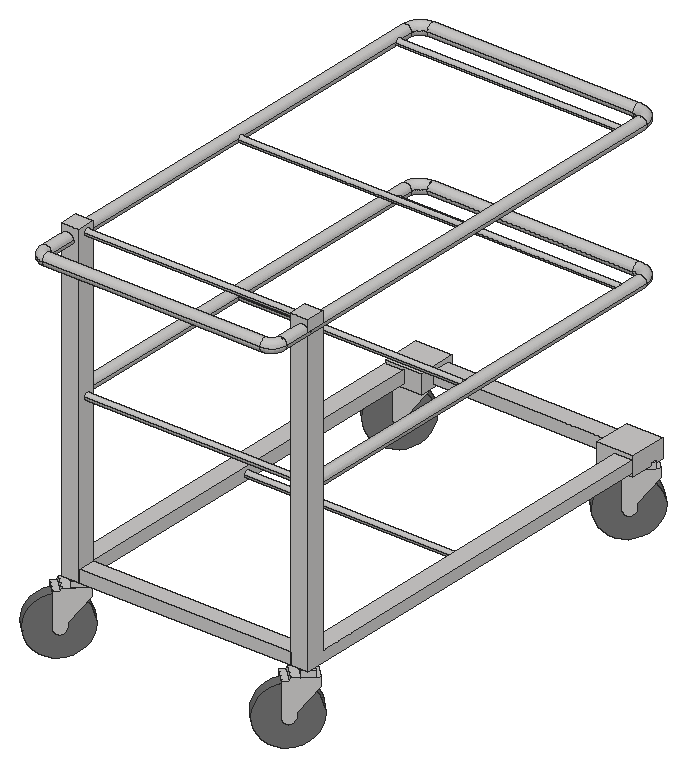
Revit family "QF_Vollrath_97186", category Specialty Equipment, Revit 2016
Family settings
  Part Type = Normal
  Round Connector Dimension = Use Diameter
  OmniClass Number = 23.40.40.14.17
  OmniClass Title = Food Cooking Equipment
  Work Plane-Based = No
  Always vertical = Yes
  Cut with Voids When Loaded = No
  Shared = No
  Room Calculation Point = No
Parameters (values of type "97186")
  Width [instance] = 21.00"
  Weight in Pounds = 31.9
  Watermarked By = "http://revitwatermark.com"
  URL Cutsheet = ""
  URL = ""
  Status [instance] = ""
  Specification by User [instance] = ""
  Specification by Manufacturer [instance] = ""
  Serial Number [instance] = ""
  Seismic Rating [instance] = ""
  Revision Code [instance] = ""
  NAFEM Spec ID Number [instance] = ""
  Model = "97186"
  Masterspec = ""
  Manufacturer = "Vollrath"
  Item Number [instance] = "-"
  Installed By [instance] = ""
  Identify Quantity as Lot [instance] = no
  Furnished By [instance] = ""
  Foodservice Equipment Identifier [instance] = yes
  Description = "Cart, Bussing"
  Depth [instance] = 39.25"
  CSI MasterFormat = "11 48 13"
  Assembly Code = "E1090320"
Reference planes (in)
  plane 1 "BACK": y = -5.12
  plane 2: z = 0
  plane 3 "LEFT": x = 0
  plane 4 "TOP": z = 32.38
  plane 5 "RIGHT": x = 21
  plane 6 "FRONT": y = -46.4
  plane 7: z = 6
  plane 8: z = 7
  plane 9: x = 1.5
  plane 10: x = 19.5
  plane 11: z = 31.38
  plane 12: y = -42.84
  plane 13: y = -41.34
  plane 14: y = -20.09
  plane 15: z = 34.13993
  plane 16: z = 35.13993
  plane 17: y = -46.9
  plane 18: y = -45.9
  plane 19: y = -45.9
  plane 20: y = -5.62
  plane 21: z = 32.88
  plane 22: y = -8.68
  plane 23: y = -10.18
  plane 24: y = -43.21
  plane 25: z = 19.25
  plane 26: z = 22.05483
  plane 27: z = 23.05483
  plane 28: y = -46.9
  plane 29: y = -45.9
  plane 30: y = -45.9
  plane 31: y = -5.62
Forms (in)
  Sweep 1, solid, material "QF_Finishes_Stainless Steel"
    path origin (21, -51.52, 32.38) x (1, 0, 0) y (0, 1, 0)
      loop
        arc (-1.25, 5.62) -> (-0.71967, 5.83967) -> (-0.5, 6.37) r 0.75
        line (-0.5, 6.37) -> (-0.5, 44.65)
        arc (-0.5, 44.65) -> (-0.86612, 45.53388) -> (-1.75, 45.9) r 1.25
        line (-1.75, 45.9) -> (-19.25, 45.9)
        arc (-19.25, 45.9) -> (-20.13388, 45.53388) -> (-20.5, 44.65) r 1.25
        line (-20.5, 44.65) -> (-20.5, 6.37)
        arc (-20.5, 6.37) -> (-20.28033, 5.83967) -> (-19.75, 5.62) r 0.75
        line (-19.75, 5.62) -> (-1.25, 5.62)
    profile origin (10.5, -45.9, 32.38) x (0, -1, 0) y (0, 0, 1)
      loop
        circle (0, -0.5) r 0.5
  Extrusion 2, solid, material "QF_Finishes_Stainless Steel"
    sketch origin (0, -51.52, 0) x (0, -1, 0) y (0, 0, 1)
      loop
        line (-8.68, 32.88) -> (-10.18, 32.88) -> (-10.18, 7) -> (-43.21, 7) -> (-43.21, 6) -> (-8.68, 6) -> (-8.68, 32.88)
    from 0 to -1.5
  Extrusion 3, solid, material "QF_Finishes_Stainless Steel"
    sketch origin (19.5, -51.52, 0) x (0, -1, 0) y (0, 0, 1)
      loop
        line (-8.68, 32.88) -> (-10.18, 32.88) -> (-10.18, 7) -> (-43.21, 7) -> (-43.21, 6) -> (-8.68, 6) -> (-8.68, 32.88)
    from 0 to -1.5
  Extrusion 4, solid, material "QF_Finishes_Stainless Steel"
    sketch origin (21, -5.12, 0) x (-1, 0, 0) y (0, 0, 1)
      loop
        line (1.5, 7) -> (1.5, 6) -> (19.5, 6) -> (19.5, 7) -> (1.5, 7)
    from -37.72 to -36.22
  Extrusion 5, solid, material "QF_Finishes_Stainless Steel"
    sketch origin (0, -51.52, 0) x (0, -1, 0) y (0, 0, 1)
      loop
        line (-46.4, 7.29846) -> (-46.4, 5.69597) -> (-43.21, 5.69597) -> (-43.21, 7.29846) -> (-46.4, 7.29846)
    from 0 to -3.04557
  Extrusion 6, solid, material "QF_Finishes_Stainless Steel"
    sketch origin (17.95443, -51.52, 0) x (0, -1, 0) y (0, 0, 1)
      loop
        line (-46.4, 7.29846) -> (-46.4, 5.69597) -> (-43.21, 5.69597) -> (-43.21, 7.29846) -> (-46.4, 7.29846)
    from 0 to -3.04557
  Extrusion 7, solid, material "QF_Finishes_Stainless Steel"
    sketch origin (21, -46.4, 0) x (-1, 0, 0) y (0, 0, 1)
      loop
        line (17.95443, 7) -> (3.04557, 7) -> (3.04557, 6) -> (17.95443, 6) -> (17.95443, 7)
    from 39.21641 to 40.7324
  Sweep 8, solid, material "QF_Finishes_Stainless Steel"
    path origin (21, -51.52, 20.2949) x (1, 0, 0) y (0, 1, 0)
      loop
        line (-20.5, 10.18) -> (-20.5, 44.65)
        arc (-20.5, 44.65) -> (-20.13388, 45.53388) -> (-19.25, 45.9) r 1.25
        line (-19.25, 45.9) -> (-1.75, 45.9)
        arc (-1.75, 45.9) -> (-0.86612, 45.53388) -> (-0.5, 44.65) r 1.25
        line (-0.5, 44.65) -> (-0.5, 10.18)
    profile origin (20.5, -24.105, 20.2949) x (1, 0, 0) y (0, 0, 1)
      loop
        circle (0, -0.5) r 0.5
  Extrusion 9, solid, material "QF_Finishes_Stainless Steel"
    sketch origin (21, -51.52, 0) x (0, -1, 0) y (0, 0, 1)
      loop
        circle (-43.21, 31.84217) r 0.25
      loop
        circle (-26.46, 31.84217) r 0.25
      loop
        circle (-43.21, 19.84217) r 0.25
      loop
        circle (-26.46, 19.84217) r 0.25
    from 0.98449 to 20.02306
  Extrusion 10, solid, material "QF_Finishes_Stainless Steel"
    sketch origin (0, -51.52, 0) x (0, -1, 0) y (0, 0, 1)
      loop
        circle (-9.43727, 32.38) r 0.25
    from -19.5 to -1.5
  Extrusion 11, solid, material "QF_Finishes_Stainless Steel"
    sketch origin (0, -51.52, -12.5) x (0, -1, 0) y (0, 0, 1)
      loop
        circle (-9.43727, 32.38) r 0.25
    from -19.5 to -1.5
  Extrusion 12, solid, material "QF_Finishes_Stainless Steel"
    sketch origin (0, -51.645, 0) x (0, -1, 0) y (0, 0, 1)
      loop
        circle (-26.59026, 6.48801) r 0.25
    from -1.5 to -19.5
Lines and regions (in)
  symbolic lines
    curve 1: line (0, -5.12, 16.75) -> (0, -45.37, 16.75)
    curve 2: line (21, -5.12, 16.75) -> (21, -45.37, 16.75)
    curve 3: arc (21, -45.37, 16.75) -> (20.45619, -46.18527, 16.75) -> (19.5, -46.4, 16.75) r 1.31834
    curve 4: line (19.5, -46.4, 16.75) -> (1.5, -46.4, 16.75)
    curve 5: arc (1.5, -46.4, 16.75) -> (0.59021, -46.11771, 16.75) -> (0, -45.37, 16.75) r 1.60723
    curve 6: line (21, -5.12, 16.75) -> (3.04557, -5.12, 16.75)
    curve 7: line (3.04557, -5.12, 16.75) -> (0, -5.12, 16.75)
    curve 8: arc (19.99339, -45.13218, 16.75) -> (19.90777, -45.33887, 16.75) -> (19.70108, -45.42449, 16.75) r 0.29231
    curve 9: line (19.70108, -45.42449, 16.75) -> (1.31138, -45.42449, 16.75)
    curve 10: arc (1.31138, -45.42449, 16.75) -> (1.06138, -45.32094, 16.75) -> (0.95783, -45.07094, 16.75) r 0.35355
    curve 11: line (0.95783, -45.07094, 16.75) -> (0.95783, -6.92289, 16.75)
    curve 12: arc (0.95783, -6.92289, 16.75) -> (1.13981, -6.42289, 16.75) -> (1.60062, -6.15685, 16.75) r 0.77786
    curve 13: line (1.60062, -6.15685, 16.75) -> (19.2874, -6.15685, 16.75)
    curve 14: arc (19.2874, -6.15685, 16.75) -> (19.7874, -6.36396, 16.75) -> (19.99451, -6.86396, 16.75) r 0.70711
    curve 15: line (19.99451, -6.86396, 16.75) -> (19.99451, -45.11396, 16.75)
    curve 16: line (0.95783, -42.84, 16.75) -> (19.99451, -42.84, 16.75)
    curve 17: line (19.99451, -41.34, 16.75) -> (0.95783, -41.34, 16.75)
    curve 18: line (19.99451, -25.34, 16.75) -> (0.95783, -25.34, 16.75)
    curve 19: line (19.99451, -24.84, 16.75) -> (0.95783, -24.84, 16.75)
    curve 20: line (19.99451, -8.59, 16.75) -> (0.95783, -8.59, 16.75)
    curve 21: line (19.99451, -8.09, 16.75) -> (0.95783, -8.09, 16.75)
Dimensions and locks (in)
  "Width": plane 3 "LEFT" to plane 5 "RIGHT"
  plane 6 "FRONT" to plane 1 "BACK" = 41.28"  (x2)
  plane 1 "BACK" to plane 6 "FRONT" = 41.28"
  plane 3 "LEFT" to plane 9 = 1.50"
  plane 10 to plane 5 "RIGHT" = 1.50"
  plane 6 "FRONT" to plane 12 = 3.56"
  plane 21 to level = 32.88"
  aligned and locked: level to plane 2
Automatic sketch dimensions
  curve 3 to plane 6 "FRONT" = 1.03"
  plane 5 "RIGHT" to curve 3 = 0.00"
  curve 15 to plane 5 "RIGHT" = 1.00549"
  curve 15 to curve 8 = 0.00111"
  curve 15 to curve 3 = 0.28458"
  curve 3 to curve 9 = 0.00885"
  curve 4 to plane 5 "RIGHT" = 1.50"
  curve 13 to plane 5 "RIGHT" = 1.7126"
  curve 6 to plane 1 "BACK" = 0.00"
  plane 9 to curve 6 = 1.54557"
  plane 9 to curve 12 = 0.23569"
  curve 12 to curve 12 = 0.13507"
  plane 9 to curve 5 = 0.00"
  curve 5 to curve 10 = 0.18862"
  curve 12 to curve 12 = 0.77786"
  curve 5 to plane 9 = 1.50"
  plane 1 "BACK" to curve 14 = 1.03685"
  curve 21 to plane 22 = 0.59"
  curve 20 to plane 22 = 0.09"
  curve 19 to plane 14 = 4.75"
  curve 19 to curve 18 = 0.50"
  plane 13 to curve 17 = 0.00"
  curve 16 to plane 24 = 0.37"
  curve 5 to plane 6 "FRONT" = 1.60723"
  curve 5 to curve 10 = 0.27817"
  curve 3 to curve 8 = 0.03369"
  curve 15 to curve 8 = 0.01822"
  Sweep 1 sketch curve to plane 19 = 0.00"
  Sweep 1 sketch curve to plane 20 = 0.00"
  Sweep 1 sketch curve to plane 9 = 1.00"
  Sweep 1 sketch curve to Sweep 1 sketch curve = 0.75"  (x2)
  Sweep 1 sketch curve to Sweep 1 sketch curve = 1.25"
  Sweep 1 sketch curve to plane 5 "RIGHT" = 1.75"
  Sweep 1 sketch curve to plane 5 "RIGHT" = 1.25"
  Sweep 1 sketch curve to profile plane = 0.00"
  Sweep 1 sketch curve to plane 4 "TOP" = 0.50"
  Extrusion 2 sketch curve to plane 8 = 0.00"
  Extrusion 2 sketch curve to plane 7 = 0.00"
  Extrusion 2 sketch curve to plane 21 = 0.00"
  Extrusion 2 sketch curve to plane 22 = 0.37"
  plane 13 to Extrusion 2 sketch curve = 0.00"
  Extrusion 2 sketch curve to plane 24 = 0.37"
  Extrusion 3 sketch curve to plane 8 = 0.00"
  Extrusion 3 sketch curve to plane 7 = 0.00"
  Extrusion 3 sketch curve to plane 21 = 0.00"
  Extrusion 3 sketch curve to plane 22 = 0.37"
  plane 13 to Extrusion 3 sketch curve = 0.00"
  Extrusion 3 sketch curve to plane 24 = 0.37"
  Extrusion 4 sketch curve to plane 7 = 0.00"
  Extrusion 4 sketch curve to plane 8 = 0.00"
  Extrusion 4 sketch curve to plane 5 "RIGHT" = 1.50"
  plane 9 to Extrusion 4 sketch curve = 0.00"
  Extrusion 5 sketch curve to plane 1 "BACK" = 0.00"
  Extrusion 5 sketch curve to plane 22 = 0.37"
  Extrusion 5 sketch curve to plane 7 = 0.30403"
  plane 8 to Extrusion 5 sketch curve = 0.29846"
  Extrusion 6 sketch curve to plane 1 "BACK" = 0.00"
  Extrusion 6 sketch curve to plane 22 = 0.37"
  Extrusion 6 sketch curve to plane 7 = 0.30403"
  plane 8 to Extrusion 6 sketch curve = 0.29846"
  Extrusion 7 sketch curve to plane 8 = 0.00"
  Extrusion 7 sketch curve to plane 7 = 0.00"
  Extrusion 7 sketch curve to plane 10 = 1.54557"
  plane 9 to Extrusion 7 sketch curve = 1.54557"
  Sweep 8 sketch curve to plane 31 = 0.00"
  Sweep 8 sketch curve to plane 9 = 1.00"
  Sweep 8 sketch curve to Sweep 8 sketch curve = 1.25"
  Sweep 8 sketch curve to plane 5 "RIGHT" = 1.75"
  plane 13 to Sweep 8 sketch curve = 0.00"  (x2)
  Sweep 8 sketch curve to plane 5 "RIGHT" = 0.50"
  profile plane to Sweep 8 sketch curve = 0.00"
  Sweep 8 sketch curve to profile plane = 0.50"
  Extrusion 9 sketch curve to plane 22 = 0.37"  (x2)
  plane 25 to Extrusion 9 sketch curve = 0.59217"  (x2)
  Extrusion 9 sketch curve to plane 14 = 4.97"  (x2)
  plane 11 to Extrusion 9 sketch curve = 0.46217"  (x2)
  Extrusion 10 sketch curve to plane 4 "TOP" = 0.00"
  plane 12 to Extrusion 10 sketch curve = 0.75727"
  plane 12 to Extrusion 11 sketch curve = 0.75727"
  plane 25 to Extrusion 11 sketch curve = 0.63"
  plane 7 to Extrusion 12 sketch curve = 0.48801"
  Extrusion 12 sketch curve to plane 14 = 4.96474"
  radius of Sweep 1 sketch curve = 0.50"
  radius of Sweep 8 sketch curve = 0.50"
  radius of Extrusion 9 sketch curve = 0.25"  (x4)
  radius of Extrusion 10 sketch curve = 0.25"
  radius of Extrusion 11 sketch curve = 0.25"
  radius of Extrusion 12 sketch curve = 0.25"
Nested families (in)
  nested 1: "FESCaster" at (20.24451, -42.09, 0) x (-1, 0, 0) z (0, 0, 1), type "FESCaster"
    with Height 6.00", Caster Radius 2.50"
  nested 2: "FESCaster" at (0.75, -42.09, 0) x (-1, 0, 0) z (0, 0, 1), type "FESCaster"
    with Height 6.00", Caster Radius 2.50"
  nested 3: "FESCaster" at (0.75, -5.90685, 0) x (-1, 0, 0) z (0, 0, 1), type "FESCaster"
    with Height 6.00", Caster Radius 2.50"
  nested 4: "FESCaster" at (20.24451, -5.90685, 0) x (-1, 0, 0) z (0, 0, 1), type "FESCaster"
    with Height 6.00", Caster Radius 2.50"
Definition of nested family "FESCaster"
  Parameters
    Watermarked By = "http://revitwatermark.com"
    Type Comments = "⍁⍉⌁⌀⏭⎽⌇⍠⌜⍉⎖⌥⌦⌯⍭⏊⍻⍿⍊⏵⍊⏗⏠⍴⎡⌈⎀⍠⌓⌤⏘⎐⍀⌐⏬⏁⎈⏍⏦⎒⏬⌝⍩⍇⌣〈⎫〉⎁⏊⍥⍖⍥⍝⍦⌖⍀⏌⏭⎝⎼⏷⏞⍻⏯⎽⏷⏞⍻⏯⎽⏷⎺⌻⎝⍎⌧⏷⏟⏿⌿⍜⍦⍤⌁⍬⏶⏎⍊⏚⏉⎞⌡⎀⎪⏈⌟⌿⍾⍼⌟⌿⌢⌞⏞⏝⌻⎸⎻⎷⎳⎻⎛⌞⌼⏚⍿⏸⍨⏷⍡⍺⏼⏅⎏⌽⌻⍽⎝⍮⎧⍏⏳⏲⎼⏈⏋⏙⎏⏽⏘⍹⏞⌜⏼⍴⏶⏮⏿⌁"
    Height [instance] = 6.00"
    Caster Radius [instance] = if(Height < 3.00", 1.00", (Height / 2) - 0.50")  # 2.50"
    Assembly Code = ""
  Reference planes (in)
    plane 1 "Center (Front/Back)": y = 0
    plane 2: z = 0
    plane 3 "Center (Left/Right)": x = 0
    plane 4: z = 6
    plane 5: z = 5.5
  Forms (in)
    Extrusion 1, solid
      sketch origin (-24.12131, -22.88887, 10.18833) x (0.707107, 0.707107, 0) y (0, 0, 1)
        loop
          line (34.98772, -7.68833) -> (34.98772, -4.93833) -> (34.48772, -4.93833) -> (34.39402, -4.68833) -> (32.39402, -4.68833) -> (32.39402, -5.43833) -> (33.98772, -7.34206) -> (33.98772, -7.68833)
          arc (33.98772, -7.68833) -> (34.48772, -8.18833) -> (34.98772, -7.68833) r 0.5
      from 0 to 1.75
    Extrusion 2, solid
      sketch origin (-24.32327, -23.09083, 13.31461) x (0.707107, 0.707107, 0) y (0, 0, 1)
        loop
          circle (34.77334, -10.81461) r 2.5
      from 0.375 to 1.375
    Extrusion 3, solid
      sketch origin (-7.24148, -8.48391, 0) x (0.707107, 0.707107, 0) y (0, 0, 1)
        loop
          line (10.61603, 5.5) -> (11.61603, 5.5) -> (11.61603, 6) -> (10.61603, 6) -> (10.61603, 5.5)
      from 0 to -1.75
  Lines and regions (in)
    symbolic lines
      curve 1: line (-1.26158, -0.51911, 0) -> (1.39007, 2.13254, 0)
      curve 2: line (-0.53429, -1.24639, 0) -> (2.11736, 1.40526, 0)
      curve 3: line (-1.26158, -0.51911, 0) -> (1.39007, 2.13254, 0)
      curve 4: line (-0.53429, -1.24639, 0) -> (2.11736, 1.40526, 0)
  Dimensions and locks (in)
    locked: plane 4 to plane 5 at 0.5
    "Height": plane 4 to level
    "Caster Radius": Extrusion 2 sketch curve to level
    "Caster Radius": Extrusion 1 sketch curve to level
    "Caster Radius": radius of Extrusion 2 sketch curve
    aligned and locked: plane 2 to level
    aligned and locked: Extrusion 3 to plane 5
    aligned and locked: plane 4 to Extrusion 3
    aligned and locked: plane 5 to Extrusion 1
  Automatic sketch dimensions
    plane 1 "Center (Front/Back)" to curve 3 = 0.51911"
    curve 3 to plane 3 "Center (Left/Right)" = 1.26158"
    plane 1 "Center (Front/Back)" to curve 1 = 0.51911"
    curve 1 to curve 3 = 0.00"  (x3)
    curve 4 to plane 3 "Center (Left/Right)" = 0.53429"
    curve 2 to curve 4 = 0.00"  (x2)
    plane 3 "Center (Left/Right)" to curve 3 = 1.39007"
    curve 1 to curve 4 = 0.72729"
    curve 2 to curve 1 = 0.72729"
    curve 4 to curve 2 = 0.00"  (x2)
    curve 2 to plane 1 "Center (Front/Back)" = 1.40526"
    curve 2 to curve 3 = 0.72729"
    plane 5 to Extrusion 1 sketch curve = 0.00"
    Extrusion 1 sketch curve to Extrusion 1 sketch curve = 1.5937"
    Extrusion 1 sketch curve to Extrusion 1 sketch curve = 2.00"
    Extrusion 1 sketch curve to Extrusion 1 sketch curve = 0.0937"
    Extrusion 1 sketch curve to Extrusion 1 sketch curve = 0.50"
    Extrusion 1 sketch curve to Extrusion 1 sketch curve = 0.34627"
    Extrusion 1 sketch curve to plane 5 = 0.75"
    Extrusion 1 sketch curve to plane 5 = 0.25"
    Extrusion 3 sketch curve to plane 5 = 0.00"
    plane 4 to Extrusion 3 sketch curve = 0.00"
    Extrusion 3 sketch curve to Extrusion 3 sketch curve = 1.00"
